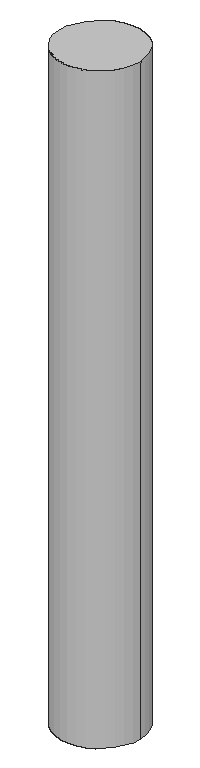
Revit family "Pile-Concrete", category Structural Foundations, Revit 2020
Family settings
  Material for Model Behavior = Steel
  Cap = No
  OmniClass Number = 23.25.05.11.14.21
  OmniClass Title = Rolled Steel Section Driven Piles
  Work Plane-Based = No
  Always vertical = Yes
  Cut with Voids When Loaded = No
  Shared = Yes
Parameters (values of type "800mm Diameter")
  Structural Material [instance] = Concrete, Cast In Situ
  Radius = Diameter / 2  # 400 mm
  Pile ID [instance] = ""
  Minimum Embedment = 0 mm
  Diameter = 800 mm
  Depth [instance] = 6000 mm
  Assembly Code = "A1020130"
Reference planes
  plane 1 "Center (Front/Back)": y = 0
  plane 2: z = 0
  plane 3 "Center (Left/Right)": x = 0
  plane 4: z = -6000
  plane 5: z = 0
Forms (mm)
  Extrusion 1, solid, material "Concrete, Cast In Situ" <- "Structural Material"
    sketch origin (0, 0, 0) x (1, 0, 0) y (0, 1, 0)
      loop
        circle (0, 0) r 400
    from -6000 to 0
Dimensions and locks
  "Depth": plane 2 to plane 4
  "Minimum Embedment": plane 5 to plane 2
  "Radius": radius of Extrusion 1 sketch curve
  aligned and locked: Extrusion 1 to plane 4
  aligned and locked: Extrusion 1 to plane 5
Automatic sketch dimensions
  Extrusion 1 sketch curve to plane 1 "Center (Front/Back)" = 0 mm
  Extrusion 1 sketch curve to plane 3 "Center (Left/Right)" = 0 mm
